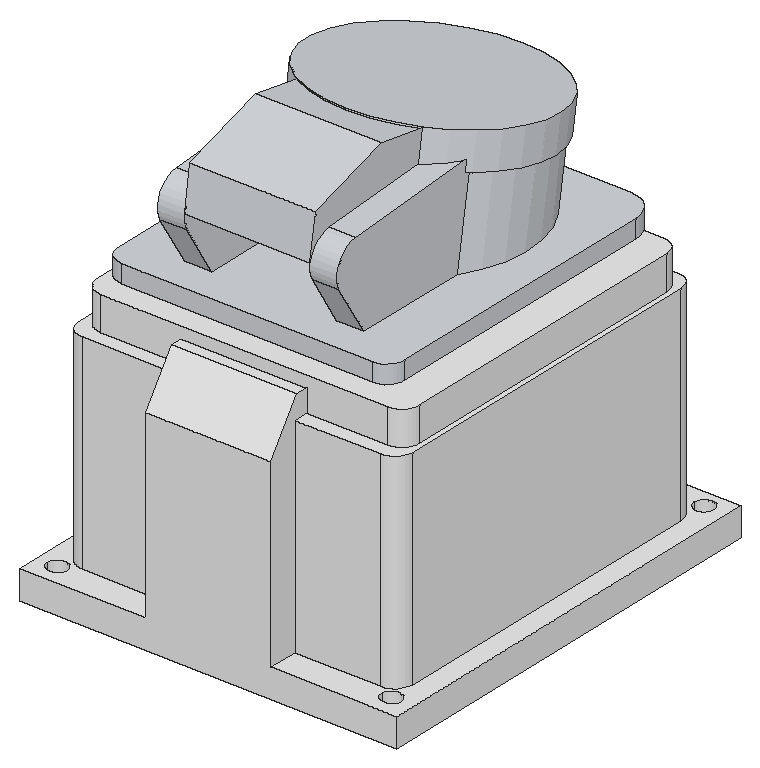
Revit family "Building-IEC309Connections-GEWISS-IEC309HP-10°_SURFACE-MOUNT_SOCKET_32A_IP44", category Apparecchi elettrici, host Superficie, Revit 2019
Family settings
  Host = Superficie
  Mantenere orientamento annotazione = Sì
  Quota connettore circolare = Usa diametro
  Tipo di parte = Normale
  Taglio con vuoti quando caricato = No
  Condiviso = No
  Punto di calcolo locali = Sì
Parameters (values of type "GW62422 - IP44 10°W.RECEPTACLE 3P+N+T 32A 500V 7H")
  simbolo acceso [instance] = yes
  distanza_simbolo [instance] = 1 mm
  distanza dal piano [instance] = 0 mm
  W = 115 mm  # constant formula
  Version file RFA = "21.11"
  URL = "https://www.gewiss.com/ww/en"
  Typology = "10° angled surface-mounting socket-outlet"
  Type of wiring = "With screw"
  Total number of operations = "-2000"
  Thermo-pressure with ball = "125 °C (active parts) - 80 °C (passive parts)"
  Terminal tightening capacity = "2.5-6mm² flexible cables - 2.5-10mm² rigid cables"
  Technical sheet = "https://www.gewiss.com/ww/en/search?q=GW62422"
  Spostamento_effettivo_S [instance] = 4000 mm - Spostamento_S  # 3045 mm
  Spostamento_S = 955 mm
  Sportello_visibile = yes
  Shock resistance = "IK08"
  SPinotto = Default(2)
  SEO = "Socket outlet"
  Reference h = "7"
  Realized by GEWISS S.p.A. = ""
  Rated voltage = "480-500V"
  Rated current (A) = "32"
  Prospetto di default = 500 mm
  Produttore = "GEWISS S.p.A."
  Product in stock = ""
  Piastra = Default(2)
  Permissible overload = "42A"
  Operating temperature: = "-25 +55 °C"
  No. of poles = "3P+N+E"
  Model = "GW62422"
  L = 155 mm  # constant formula
  Insulation resistance = "- 10 M?"
  Immagine tipo = (empty or 0)
  IP degree = "IP44"
  IDT = "e56290d74415465eb94a97a5e8d73560"
  IDF = "f99ddc17-cf27-4634-894f-d571af13c8cd"
  Glow wire test: = "850 °C (active parts) - 650 °C (passive parts)"
  Frequency = "50/60 Hz"
  FORMULA = 1000 mm * 1  # 1000 mm
  Electrocod = "2210"
  Description = "IP44 10°W.RECEPTACLE 3P+N+T 32A 500V 7H"
  Corpo centrale = Default(2)
  Colour: = "Black"
  Catalogue = "BUILDING"
  COBie.Tagnumber = ""
  COBie.CreatedOn = ""
  COBie.CreatebBy = ""
  COBie.ComponentRegisterItemID = ""
  COBie.Component.TagNumber = ""
  COBie.Component.Space = ""
  COBie.Component.SerialNumber = ""
  COBie.Component.InstallationDate = ""
  COBie.Component.Description = ""
  COBie.Component.BarCode = ""
  Breaking capacity at 1.1 Un = "40A"
  BLOCCO = "B=C"
Types (11, lengths in mm): name | Technical sheet | Reference h | Rated voltage | No. of poles | Model | IDT | Description | Colour:
  GW62412 - IP44 10°W.RECEPTACLE 2P+E 32A 110V 4H | "https://www.gewiss.com/ww/en/search?q=GW62412" | "4" | "100-130V" | "2P+E" | "GW62412" | "a7dab981ee004b7d8748d08db21b9ada" | "IP44 10°W.RECEPTACLE 2P+E 32A 110V 4H" | "Yellow"
  GW62413 - IP44 10°W.RECEPTACLE 3P+E 32A 110V 4H | "https://www.gewiss.com/ww/en/search?q=GW62413" | "4" | "100-130V" | "3P+E" | "GW62413" | "cfb034643ea440a2b830dae04109279a" | "IP44 10°W.RECEPTACLE 3P+E 32A 110V 4H" | "Yellow"
  GW62414 - IP44 10°W.RECEPTACLE 3P+N+T 32A 110V 4H | "https://www.gewiss.com/ww/en/search?q=GW62414" | "4" | "100-130V" | "3P+N+E" | "GW62414" | "6c024dd7679c428695b3ffa366d4110e" | "IP44 10°W.RECEPTACLE 3P+N+T 32A 110V 4H" | "Yellow"
  GW62415 - IP44 10°W.RECEPTACLE 2P+E 32A 230V 6H | "https://www.gewiss.com/ww/en/search?q=GW62415" | "6" | "200-250V" | "2P+E" | "GW62415" | "418f4406cd3a41f79fbc71380506f30d" | "IP44 10°W.RECEPTACLE 2P+E 32A 230V 6H" | "Blue"
  GW62416 - IP44 10°W.RECEPTACLE 3P+E 32A 230V 9H | "https://www.gewiss.com/ww/en/search?q=GW62416" | "9" | "200-250V" | "3P+E" | "GW62416" | "4c3b958f72194db6b5eb65783c90cdcf" | "IP44 10°W.RECEPTACLE 3P+E 32A 230V 9H" | "Blue"
  GW62417 - IP44 10°W.RECEPTACLE 3P+N+T 32A 230V 9H | "https://www.gewiss.com/ww/en/search?q=GW62417" | "9" | "200-250V" | "3P+N+E" | "GW62417" | "bea48a01646140aa9d9c04f0b2b894f9" | "IP44 10°W.RECEPTACLE 3P+N+T 32A 230V 9H" | "Blue"
  GW62418 - IP44 10°W.RECEPTACLE 2P+E 32A 400V 9H | "https://www.gewiss.com/ww/en/search?q=GW62418" | "9" | "380-415V" | "2P+E" | "GW62418" | "102ae2ff2cfd4e079bc437688800c38d" | "IP44 10°W.RECEPTACLE 2P+E 32A 400V 9H" | "Red"
  GW62419 - IP44 10°W.RECEPTACLE 3P+E 32A 400V 6H | "https://www.gewiss.com/ww/en/search?q=GW62419" | "6" | "380-415V" | "3P+E" | "GW62419" | "8d38ac094602461c9717a7080df86d98" | "IP44 10°W.RECEPTACLE 3P+E 32A 400V 6H" | "Red"
  GW62420 - IP44 10°W.RECEPTACLE 3P+N+T 32A 400V 6H | "https://www.gewiss.com/ww/en/search?q=GW62420" | "6" | "380-415V" | "3P+N+E" | "GW62420" | "90094f945908400787bb18f5cf23e2b9" | "IP44 10°W.RECEPTACLE 3P+N+T 32A 400V 6H" | "Red"
  GW62421 - IP44 10°W.RECEPTACLE 3P+E 32A 500V 7H | "https://www.gewiss.com/ww/en/search?q=GW62421" | "7" | "480-500V" | "3P+E" | "GW62421" | "371efae5063b47828139bba0a89bacfc" | "IP44 10°W.RECEPTACLE 3P+E 32A 500V 7H" | "Black"
  GW62422 - IP44 10°W.RECEPTACLE 3P+N+T 32A 500V 7H | "https://www.gewiss.com/ww/en/search?q=GW62422" | "7" | "480-500V" | "3P+N+E" | "GW62422" | "e56290d74415465eb94a97a5e8d73560" | "IP44 10°W.RECEPTACLE 3P+N+T 32A 500V 7H" | "Black"
Reference planes
  plane 1 "Centro (Fronte/Retro)": y = 0
  plane 2: z = 0
  plane 3 "Centro (Sinistra/Destra)": x = 0
  plane 4: x = -3000
  plane 5: x = 45
  plane 6: z = 0
Dimensions and locks
  plane 4 to plane 3 "Centro (Sinistra/Destra)" = 3000 mm
  "Spostamento_effettivo_S": plane 4 to plane 5
  "distanza dal piano": plane 6 to plane 2
  aligned and locked: plane 2 to host face
  aligned and locked: level to host face
  aligned and locked: plane 3 "Centro (Sinistra/Destra)" to nested 1
  aligned and locked: plane 1 "Centro (Fronte/Retro)" to nested 1
  aligned and locked: nested 2 to plane 5
  aligned and locked: plane 1 "Centro (Fronte/Retro)" to nested 3
  aligned and locked: plane 3 "Centro (Sinistra/Destra)" to nested 3
Automatic sketch dimensions
  host sketch curve to host sketch curve = 2438.4 mm  (x2)
Nested families
  nested 1: "IEC309 PRESE FISSE PARETE 10' 16A IP44_BASE" at (0, 0, 0), type "IEC309 PRESE FISSE PARETE 10' 16A IP44_BASE"
  nested 2: "GWGW62201FH - SIMBOLO_PRESA" at (45, 171.559, 0), visible <- "simbolo acceso", Distanza dal muro <- "distanza_simbolo", type "3P"
    with SIMBOLO ACCESO yes, Distanza dal muro 1 mm
  nested 3: "GW62412_dett_presa front" at (0, 3.479, 0), type "GW62412_dett_presa front"
Connectors
  electrical at (37.5, 30, 0)
    settings: on nested 1, index 1, voltage 0 V, apparent load 0 VA, apparent load phase1 0 VA, apparent load phase2 0 VA, apparent load phase3 0 VA, power factor 1, load classification "Altro", number of poles 1, system type 31, power factor state 1, is connector primary yes, connector utility no, sub classification motor no, connector description ""
Definition of nested family "IEC309 PRESE FISSE PARETE 10' 16A IP44_BASE"
  Parameters (values of type "IEC309 PRESE FISSE PARETE 10' 16A IP44_BASE")
    sp_ghiera = 16 mm
    r2 = 39 mm
    h = 120 mm  # constant formula
    dis_base = 71 mm
    Sportello = yes
    Spinotto = none
    R1 = 42 mm
    PIASTRA = none
    Lunghezza totale = 140 mm
    CENTRALE = none
    Bsae = 105 mm  # constant formula
  Reference planes
    plane 1 "Centro (Fronte/Retro)": y = 0
    plane 2: z = 0
    plane 3 "Centro (Sinistra/Destra)": x = 0
    plane 4: x = 105
    plane 5: y = 120
    plane 6: x = 52.5
    plane 7: y = 114.875
    plane 8: y = 5.75
    plane 9: x = 5.75
    plane 10: x = 99
    plane 11: z = 8
    plane 12: y = 111.673
    plane 13: y = 8.334
    plane 14: z = 66
    plane 15: x = 7.498
    plane 16: y = 108.673
    plane 17: x = 97.498
    plane 18: y = 12.508
    plane 19: z = 75.463
    plane 20: x = 27.511
    plane 21: x = 32.023
    plane 22: x = 77.489
    plane 23: x = 72.977
    plane 24: x = 35.01
    plane 25: x = 69.99
    plane 26: x = 12.474
    plane 27: y = 107.576
    plane 28: x = 92.474
    plane 29: y = 13.508
  Forms (mm)
    Extrusion 1, solid, material <- "PIASTRA"
      sketch origin (0, 0, 0) x (1, 0, 0) y (0, 1, 0)
        loop
          line (0, 120) -> (0, 0) -> (105, 0) -> (105, 120) -> (0, 120)
      from 0 to 8
    Extrusion 2, void
      sketch origin (0, 0, 0) x (1, 0, 0) y (0, 1, 0)
        loop
          circle (5.75, 114.875) r 2.8
        loop
          circle (99, 114.875) r 2.8
        loop
          circle (5.75, 5.75) r 2.8
        loop
          circle (99, 5.75) r 2.8
      from 0 to 8
    Extrusion 3, solid, material <- "PIASTRA"
      sketch origin (0, 0, 0) x (1, 0, 0) y (0, 1, 0)
        loop
          line (5.75, 106.673) -> (5.75, 13.334)
          arc (5.75, 13.334) -> (7.214, 9.799) -> (10.75, 8.334) r 5
          line (10.75, 8.334) -> (94, 8.334)
          arc (94, 8.334) -> (97.536, 9.799) -> (99, 13.334) r 5
          line (99, 13.334) -> (99, 106.673)
          arc (99, 106.673) -> (97.536, 110.208) -> (94, 111.673) r 5
          line (94, 111.673) -> (10.75, 111.673)
          arc (10.75, 111.673) -> (7.214, 110.208) -> (5.75, 106.673) r 5
      from 8 to 66
    Extrusion 4, solid, material <- "PIASTRA"
      sketch origin (0, 0, 0) x (1, 0, 0) y (0, 1, 0)
        loop
          arc (12.498, 108.673) -> (8.962, 107.208) -> (7.498, 103.673) r 5
          line (7.498, 103.673) -> (7.498, 17.508)
          arc (7.498, 17.508) -> (8.962, 13.972) -> (12.498, 12.508) r 5
          line (12.498, 12.508) -> (92.498, 12.508)
          arc (92.498, 12.508) -> (96.033, 13.972) -> (97.498, 17.508) r 5
          line (97.498, 17.508) -> (97.498, 103.673)
          arc (97.498, 103.673) -> (96.033, 107.208) -> (92.498, 108.673) r 5
          line (92.498, 108.673) -> (12.498, 108.673)
      from 66 to 75.463
    Extrusion 5, solid, material <- "PIASTRA"
      sketch origin (0, 110, 0) x (0, -1, 0) y (0, 0, -1)
        loop
          line (-10, 0) -> (-10, -59.349) -> (-0.915, -72.253) -> (2.903, -72.253) -> (2.903, 0) -> (-10, 0)
      from 35.01 to 69.99
    Extrusion 6, solid, material <- "PIASTRA"
      sketch origin (0, 10, 0) x (0, 1, 0) y (0, 0, 1)
        loop
          line (-10, 0) -> (2.508, 0) -> (2.508, 72.253) -> (-0.915, 72.253) -> (-10, 59.349) -> (-10, 0)
      from 35.01 to 69.99
    Extrusion 7, solid
      sketch origin (0, 0, 0) x (1, 0, 0) y (0, 1, 0)
        loop
          arc (12.474, 18.508) -> (13.938, 14.972) -> (17.474, 13.508) r 5
          line (17.474, 13.508) -> (87.474, 13.508)
          arc (87.474, 13.508) -> (91.009, 14.972) -> (92.474, 18.508) r 5
          line (92.474, 18.508) -> (92.474, 99.118)
          arc (92.474, 99.118) -> (89.997, 105.099) -> (84.016, 107.576) r 8.458
          line (84.016, 107.576) -> (17.474, 107.576)
          arc (17.474, 107.576) -> (13.938, 106.111) -> (12.474, 102.576) r 5
          line (12.474, 102.576) -> (12.474, 18.508)
      from 79.524 to 84.524
    Sweep 8, solid
      path origin (0, 0, 0) x (0, 1, 0) y (0, 0, 1)
        loop
          line (76.838, 105.496) -> (78.575, 115.349)
      profile origin (0, 77.707, 110.423) x (0, -0.984808, 0.173648) y (1, 0, 0)
        loop
          circle (0, 52.5) r 31.5
    Extrusion 9, solid
      sketch origin (0, 0, 0) x (0, 1, 0) y (0, 0, 1)
        loop
          arc (13.666, 103.089) -> (15.893, 107.235) -> (20.216, 109.093) r 7.136
          line (20.216, 109.093) -> (51.287, 111.282) -> (52.751, 119.59) -> (38.491, 122.104) -> (15.564, 115.091) -> (13.666, 103.089)
      from 35.01 to 69.99
    Sweep 10, solid
      path origin (0, 0, 0) x (0, 1, 0) y (0, 0, 1)
        loop
          line (76.838, 105.496) -> (72.258, 79.524)
      profile origin (0, 74.548, 92.51) x (0, 0.984808, -0.173648) y (1, 0, 0)
        loop
          circle (0, 52.5) r 30.5
    Extrusion 11, solid
      sketch origin (0, 0, 0) x (0, 1, 0) y (0, 0, 1)
        loop
          arc (20.216, 109.093) -> (14.465, 105.419) -> (14.43, 98.594) r 7.136
          line (14.43, 98.594) -> (23.098, 84.524) -> (56.917, 84.524) -> (61.765, 112.02) -> (20.216, 109.093)
      from 27.511 to 35.01
    Extrusion 12, solid
      sketch origin (105, 0, 0) x (0, 1, 0) y (0, 0, -1)
        loop
          line (20.216, -109.093) -> (61.765, -112.02) -> (56.917, -84.524) -> (23.098, -84.524) -> (14.43, -98.594)
          arc (14.43, -98.594) -> (14.465, -105.419) -> (20.216, -109.093) r 7.136
      from 27.511 to 35.01
  Cuts and joins
    Extrusion 2 cuts Extrusion 1
    joined: Extrusion 1, Extrusion 3, Extrusion 5, Extrusion 6
    joined: Extrusion 7, Sweep 10, Extrusion 11, Extrusion 12
  Dimensions and locks
    plane 3 "Centro (Sinistra/Destra)" to plane 4 = 105 mm
    plane 1 "Centro (Fronte/Retro)" to plane 5 = 120 mm
    equal spacing: plane 3 "Centro (Sinistra/Destra)", plane 6, plane 4
    locked: plane 3 "Centro (Sinistra/Destra)" to plane 9 at 5.75
    locked: plane 10 to plane 4 at 6
    locked: plane 1 "Centro (Fronte/Retro)" to plane 8 at 5.75
    locked: plane 5 to plane 7 at 5.125
    locked: plane 11 to level at 8
    "Bsae": plane 3 "Centro (Sinistra/Destra)" to plane 4
    "h": plane 1 "Centro (Fronte/Retro)" to plane 5
    locked: plane 12 to plane 7 at 3.202
    locked: plane 8 to plane 13 at 2.584
    locked: plane 14 to plane 11 at 58
    locked: plane 17 to plane 10 at 1.502
    locked: plane 20 to plane 21 at 4.513
    locked: plane 23 to plane 22 at 4.513
    equal spacing: plane 20, plane 6, plane 22
    locked: plane 12 to plane 16 at 3
    equal spacing: plane 24, plane 6, plane 25
    plane 24 to plane 25 = 34.979 mm
    locked: plane 16 to plane 27 at 1.097
    locked: plane 9 to plane 26 at 6.724
    locked: plane 28 to plane 10 at 6.526
    plane 18 to plane 29 = 1 mm
    diameter of cut or joined group of Extrusion 1, Extrusion 2, Extrusion 3, Extrusion 5, Extrusion 6 = 5.6 mm
    radius of Extrusion 3 sketch curve = 5 mm  (x3)
    radius of Extrusion 4 sketch curve = 5 mm  (x3)
    radius of Extrusion 7 sketch curve = 5 mm  (x3)
    radius of Extrusion 7 sketch curve = 8.458 mm
    aligned and locked: level to plane 2
    aligned and locked: Extrusion 1 sketch curve to plane 3 "Centro (Sinistra/Destra)"
    aligned and locked: Extrusion 1 sketch curve to plane 5
    aligned and locked: Extrusion 1 sketch curve to plane 4
    aligned and locked: Extrusion 1 sketch curve to plane 1 "Centro (Fronte/Retro)"
    aligned and locked: plane 11 to Extrusion 1
    aligned and locked: plane 9 to Extrusion 2 sketch curve  (x2)
    aligned and locked: plane 7 to Extrusion 2 sketch curve  (x2)
    aligned and locked: plane 10 to Extrusion 2 sketch curve  (x2)
    aligned and locked: plane 8 to Extrusion 2 sketch curve  (x2)
    aligned and locked: cut or joined group of Extrusion 1, Extrusion 2, Extrusion 3, Extrusion 5, Extrusion 6 to level
    aligned and locked: Extrusion 1 to Extrusion 2
    aligned and locked: Extrusion 3 sketch curve to plane 9
    aligned and locked: Extrusion 3 sketch curve to plane 10
    aligned and locked: Extrusion 3 sketch curve to plane 13
    aligned and locked: plane 12 to Extrusion 3 sketch curve
    aligned and locked: plane 14 to Extrusion 3
    aligned and locked: Extrusion 3 to plane 11
    aligned and locked: Extrusion 4 sketch curve to plane 16
    aligned and locked: Extrusion 4 sketch curve to plane 15
    aligned and locked: Extrusion 4 sketch curve to plane 17
    aligned and locked: Extrusion 4 sketch curve to plane 18
    aligned and locked: Extrusion 4 to plane 14
    aligned and locked: Extrusion 4 to plane 19
    aligned and locked: Extrusion 5 to plane 25
    aligned and locked: Extrusion 5 to plane 24
    aligned and locked: Extrusion 7 sketch curve to plane 26
    aligned and locked: Extrusion 7 sketch curve to plane 27
    aligned and locked: Extrusion 7 sketch curve to plane 28
    aligned and locked: plane 29 to Extrusion 7 sketch curve
    aligned and locked: Extrusion 6 sketch curve to plane 18
    aligned and locked: plane 6 to Sweep 8 sketch curve
    aligned and locked: plane 24 to Extrusion 9
    aligned and locked: Extrusion 9 to plane 25
    aligned and locked: plane 6 to Sweep 10 sketch curve
    aligned and locked: Extrusion 11 sketch curve to Extrusion 9  (x2)
    aligned and locked: Extrusion 7 to Extrusion 11 sketch curve
    aligned and locked: Extrusion 11 to plane 20
    aligned and locked: Extrusion 11 to cut or joined group of Extrusion 1, Extrusion 2, Extrusion 3, Extrusion 5, Extrusion 6
  Automatic sketch dimensions
    plane 26 to Extrusion 3 sketch curve = 1.724 mm
    Extrusion 4 sketch curve to plane 26 = 0.024 mm
    Extrusion 5 sketch curve to level = 0 mm
    Extrusion 5 sketch curve to plane 5 = 0 mm
    Extrusion 5 sketch curve to plane 12 = 0.758 mm
    plane 27 to Extrusion 5 sketch curve = 0.479 mm
    plane 14 to Extrusion 5 sketch curve = 6.651 mm
    Extrusion 5 sketch curve to plane 19 = 3.211 mm
    Extrusion 6 sketch curve to level = 0 mm
    Extrusion 6 sketch curve to plane 1 "Centro (Fronte/Retro)" = 0 mm
    Extrusion 6 sketch curve to plane 13 = 0.751 mm
    Extrusion 6 sketch curve to plane 14 = 6.651 mm
    Extrusion 7 sketch curve to Extrusion 7 sketch curve = 0 mm
    Sweep 8 sketch curve to plane 27 = 30.738 mm
    Sweep 8 sketch curve to plane 19 = 30.033 mm
    Sweep 8 sketch curve to Sweep 8 sketch curve = 1.737 mm
    Sweep 8 sketch curve to Sweep 8 sketch curve = 9.852 mm
    Sweep 8 sketch curve to profile plane = 0 mm
    Extrusion 9 sketch curve to Extrusion 9 sketch curve = 18.275 mm
    Extrusion 9 sketch curve to plane 19 = 35.818 mm
    Extrusion 9 sketch curve to Extrusion 9 sketch curve = 1.465 mm
    Extrusion 9 sketch curve to Extrusion 9 sketch curve = 8.308 mm
    plane 29 to Extrusion 9 sketch curve = 0.158 mm
    Extrusion 9 sketch curve to Extrusion 9 sketch curve = 0 mm  (x2)
    Sweep 10 sketch curve to plane 19 = 4.061 mm
    Sweep 10 sketch curve to plane 27 = 35.317 mm
    Sweep 10 sketch curve to Sweep 10 sketch curve = 4.58 mm
    Sweep 10 sketch curve to Sweep 10 sketch curve = 25.972 mm
    Sweep 10 sketch curve to profile plane = 0 mm
    Extrusion 11 sketch curve to Extrusion 11 sketch curve = 33.818 mm
    Extrusion 11 sketch curve to plane 19 = 36.557 mm
    plane 29 to Extrusion 12 sketch curve = 0.922 mm
    plane 29 to Extrusion 12 sketch curve = 6.708 mm
    Extrusion 12 sketch curve to Extrusion 12 sketch curve = 0.498 mm
    plane 29 to Extrusion 12 sketch curve = 9.591 mm
    Extrusion 12 sketch curve to plane 19 = 9.061 mm
    Extrusion 12 sketch curve to Extrusion 12 sketch curve = 33.818 mm
    Extrusion 12 sketch curve to Extrusion 12 sketch curve = 4.848 mm
    Extrusion 12 sketch curve to Extrusion 12 sketch curve = 14.07 mm
    Extrusion 12 sketch curve to Extrusion 12 sketch curve = 3.38 mm
    Extrusion 12 sketch curve to Extrusion 12 sketch curve = 27.496 mm
    plane 19 to Extrusion 6 sketch curve = 3.211 mm
    plane 29 to Extrusion 9 sketch curve = 2.056 mm
    plane 29 to Extrusion 9 sketch curve = 6.708 mm
    Extrusion 9 sketch curve to Extrusion 9 sketch curve = 7.048 mm
    Extrusion 9 sketch curve to Extrusion 9 sketch curve = 12.795 mm
    Extrusion 9 sketch curve to Extrusion 9 sketch curve = 2.189 mm
    Extrusion 9 sketch curve to Extrusion 9 sketch curve = 7.118 mm
    Extrusion 9 sketch curve to Extrusion 9 sketch curve = 5.998 mm
    Extrusion 9 sketch curve to Extrusion 9 sketch curve = 2.514 mm
    plane 29 to Extrusion 11 sketch curve = 0.922 mm
    plane 29 to Extrusion 11 sketch curve = 9.591 mm
    radius of Extrusion 2 sketch curve = 2.8 mm  (x4)
    radius of Sweep 8 sketch curve = 31.5 mm
    radius of Sweep 10 sketch curve = 30.5 mm
Definition of nested family "GWGW62201FH - SIMBOLO_PRESA"
  Parameters (values of type "3P")
    SIMBOLO ACCESO [instance] = yes
    Distanza dal muro [instance] = 0 mm
  Reference planes
    plane 1: y = 0
    plane 2: x = 0
  Dimensions and locks
    "Distanza dal muro": plane 1 to nested 1
    aligned and locked: plane 2 to nested 1
  Nested families
    nested 1: "GWGW62201FH - SIMBOLO" at (0, 0, 0), visible <- "SIMBOLO ACCESO", type "3P"
  Definition of nested family "GWGW62201FH - SIMBOLO"
    Parameters (values of type "3P")
      CORNICE SIMBOLO [instance] = yes
      3P = yes
    Reference planes
      plane 1: y = 0
      plane 2: x = 0
    Lines and regions (mm)
      detail lines
        curve 1: circle (-0.314, 0.674, 0) r 0.057 normal (0, 0, 1)
        curve 2: arc (0.346, -0.009, 0) -> (0, 0.337, 0) -> (-0.346, -0.009, 0) r 0.346
        curve 3: line (0, 0.337, 0) -> (0.346, 0.337, 0)
        curve 4: line (0, 3.386, 0) -> (0, 0.337, 0)
        curve 5: line (0, 0.337, 0) -> (-0.314, 0.674, 0)
Definition of nested family "GW62412_dett_presa front"
  Reference planes
    plane 1 "Centro (Fronte/Retro)": y = 0
    plane 2: z = 0
    plane 3 "Centro (Sinistra/Destra)": x = 0
  Lines and regions (mm)
    detail lines, in view "Livello rif."
      curve 1: arc (74.277, 69.357, 0) -> (52.474, 77.362, 0) -> (30.67, 69.357, 0) r 33.699
      curve 2: spline (30.67, 70.944, 0) -> (28.735, 69.156, 0) -> (26.952, 67.222, 0) -> (25.33, 65.154, 0) -> (23.88, 62.966, 0) -> (22.612, 60.671, 0) -> (21.534, 58.284, 0) -> (20.652, 55.82, 0) -> (19.972, 53.294, 0) -> (19.498, 50.723, 0) -> (19.233, 48.123, 0) -> (19.18, 45.511, 0) -> (19.338, 42.903, 0)
      curve 3: spline (85.61, 42.911, 0) -> (85.767, 45.518, 0) -> (85.713, 48.13, 0) -> (85.448, 50.729, 0) -> (84.974, 53.299, 0) -> (84.294, 55.824, 0) -> (83.412, 58.287, 0) -> (82.333, 60.674, 0) -> (81.066, 62.968, 0) -> (79.616, 65.156, 0) -> (77.995, 67.223, 0) -> (76.211, 69.157, 0) -> (74.277, 70.944, 0)
      curve 4: spline (31.986, 99.872, 0) -> (31.814, 99.86, 0) -> (31.645, 99.826, 0) -> (31.482, 99.769, 0) -> (31.328, 99.691, 0) -> (31.185, 99.593, 0) -> (31.055, 99.476, 0) -> (30.942, 99.344, 0) -> (30.846, 99.197, 0) -> (30.77, 99.038, 0) -> (30.715, 98.871, 0) -> (30.681, 98.698, 0) -> (30.67, 98.521, 0)
      curve 5: line (31.17, 79.876, 0) -> (30.788, 79.987, 0)
      curve 6: line (31.307, 79.868, 0) -> (30.788, 79.987, 0)
      curve 7: line (73.643, 79.874, 0) -> (31.307, 79.868, 0)
      curve 8: line (73.779, 79.883, 0) -> (74.16, 79.994, 0)
      curve 9: line (73.643, 79.874, 0) -> (74.16, 79.994, 0)
      curve 10: spline (74.277, 98.521, 0) -> (74.266, 98.698, 0) -> (74.232, 98.871, 0) -> (74.177, 99.039, 0) -> (74.101, 99.197, 0) -> (74.005, 99.344, 0) -> (73.892, 99.477, 0) -> (73.762, 99.593, 0) -> (73.619, 99.691, 0) -> (73.464, 99.769, 0) -> (73.301, 99.826, 0) -> (73.132, 99.86, 0) -> (72.96, 99.872, 0)
      curve 11: spline (78.446, 44.022, 0) -> (77.561, 50.642, 0) -> (74.967, 56.811, 0) -> (70.839, 62.109, 0) -> (65.46, 66.173, 0) -> (59.196, 68.729, 0) -> (52.474, 69.6, 0) -> (45.751, 68.729, 0) -> (39.487, 66.173, 0) -> (34.108, 62.109, 0) -> (29.98, 56.811, 0) -> (27.386, 50.642, 0) -> (26.501, 44.022, 0) -> (27.386, 37.402, 0) -> (29.98, 31.233, 0) -> (34.108, 25.935, 0) -> (39.487, 21.87, 0) -> (45.751, 19.315, 0) -> (52.474, 18.444, 0) -> (59.196, 19.315, 0) -> (65.46, 21.87, 0) -> (70.839, 25.935, 0) -> (74.967, 31.233, 0) -> (77.561, 37.402, 0) -> (78.446, 44.022, 0)
      curve 12: arc (19.505, 41.246, 0) -> (20.828, 34.911, 0) -> (23.388, 28.967, 0) r 32.303
      curve 13: arc (23.387, 28.966, 0) -> (26.643, 24.163, 0) -> (30.695, 20.01, 0) r 32.746
      curve 14: arc (30.857, 19.805, 0) -> (31.078, 19.376, 0) -> (31.309, 18.951, 0) r 22.139
      curve 15: line (74.253, 20.011, 0) -> (31.309, 18.951, 0)
      curve 16: spline (74.253, 20.011, 0) -> (75.871, 21.5, 0) -> (77.385, 23.091, 0) -> (78.789, 24.778, 0) -> (80.076, 26.554, 0) -> (81.241, 28.409, 0) -> (82.278, 30.336, 0) -> (83.184, 32.326, 0) -> (83.953, 34.371, 0) -> (84.583, 36.461, 0) -> (85.07, 38.587, 0) -> (85.413, 40.74, 0) -> (85.61, 42.911, 0)
      curve 17: arc (30.237, 74.6, 0) -> (30.557, 75.043, 0) -> (30.67, 75.578, 0) r 1.321
      curve 18: spline (30.237, 74.6, 0) -> (28.626, 73.008, 0) -> (27.126, 71.308, 0) -> (25.744, 69.508, 0) -> (24.485, 67.617, 0) -> (23.356, 65.643, 0) -> (22.362, 63.595, 0) -> (21.507, 61.483, 0) -> (20.796, 59.317, 0) -> (20.232, 57.106, 0) -> (19.817, 54.862, 0) -> (19.553, 52.593, 0) -> (19.442, 50.311, 0)
      curve 19: spline (85.505, 50.311, 0) -> (85.394, 52.595, 0) -> (85.13, 54.865, 0) -> (84.714, 57.112, 0) -> (84.149, 59.324, 0) -> (83.437, 61.492, 0) -> (82.581, 63.605, 0) -> (81.585, 65.654, 0) -> (80.454, 67.629, 0) -> (79.194, 69.522, 0) -> (77.809, 71.322, 0) -> (76.307, 73.022, 0) -> (74.694, 74.614, 0)
      curve 20: arc (74.277, 75.578, 0) -> (74.386, 75.053, 0) -> (74.694, 74.614, 0) r 1.321
      curve 21: line (74.277, 69.357, 0) -> (74.277, 78.193, 0)
      curve 22: line (74.277, 78.193, 0) -> (74.277, 98.521, 0)
      curve 23: line (30.67, 98.521, 0) -> (30.67, 78.193, 0)
      curve 24: line (30.67, 78.193, 0) -> (30.67, 69.357, 0)
      curve 25: line (31.986, 99.872, 0) -> (35.493, 99.872, 0)
      curve 26: line (35.493, 99.872, 0) -> (36.167, 99.872, 0)
      curve 27: line (36.167, 99.872, 0) -> (68.782, 99.872, 0)
      curve 28: line (68.782, 99.872, 0) -> (69.454, 99.872, 0)
      curve 29: line (69.454, 99.872, 0) -> (72.96, 99.872, 0)
      curve 30: line (19.505, 41.246, 0) -> (19.338, 42.903, 0)
      curve 31: arc (84.55, 7.455, 0) -> (90.155, 9.826, 0) -> (92.47, 15.455, 0) r 8
      curve 32: arc (12.47, 15.455, 0) -> (14.785, 9.826, 0) -> (20.39, 7.455, 0) r 8
      curve 33: circle (82.469, 90.102, 0) r 2.09 normal (0, 0, 1)
      curve 34: circle (22.469, 90.102, 0) r 2.072 normal (0, 0, 1)
      curve 35: circle (22.469, 20.094, 0) r 2.068 normal (0, 0, 1)
      curve 36: circle (82.468, 20.094, 0) r 2.075 normal (0, 0, 1)
      curve 37: line (72.295, 30.252, 0) -> (71.634, 29.591, 0)
      curve 38: spline (33.313, 29.591, 0) -> (36.445, 29.452, 0) -> (39.611, 29.337, 0) -> (42.803, 29.248, 0) -> (46.016, 29.185, 0) -> (49.241, 29.146, 0) -> (52.474, 29.133, 0) -> (55.706, 29.146, 0) -> (58.932, 29.185, 0) -> (62.144, 29.248, 0) -> (65.336, 29.337, 0) -> (68.502, 29.452, 0) -> (71.634, 29.591, 0)
      curve 39: line (33.313, 29.591, 0) -> (32.652, 30.252, 0)
      curve 40: spline (71.634, 29.605, 0) -> (71.721, 29.614, 0) -> (71.805, 29.633, 0) -> (71.887, 29.663, 0) -> (71.965, 29.703, 0) -> (72.036, 29.751, 0) -> (72.101, 29.808, 0) -> (72.158, 29.873, 0) -> (72.206, 29.943, 0) -> (72.245, 30.019, 0) -> (72.272, 30.098, 0) -> (72.289, 30.18, 0) -> (72.295, 30.263, 0)
      curve 41: spline (32.652, 30.263, 0) -> (32.658, 30.18, 0) -> (32.675, 30.098, 0) -> (32.702, 30.019, 0) -> (32.741, 29.943, 0) -> (32.789, 29.873, 0) -> (32.846, 29.808, 0) -> (32.911, 29.751, 0) -> (32.982, 29.703, 0) -> (33.06, 29.663, 0) -> (33.142, 29.633, 0) -> (33.227, 29.614, 0) -> (33.313, 29.605, 0)
      curve 42: line (32.652, 57.58, 0) -> (33.306, 58.218, 0)
      curve 43: spline (33.306, 58.218, 0) -> (36.44, 58.079, 0) -> (39.607, 57.965, 0) -> (42.8, 57.876, 0) -> (46.013, 57.812, 0) -> (49.24, 57.774, 0) -> (52.474, 57.761, 0) -> (55.707, 57.774, 0) -> (58.934, 57.812, 0) -> (62.147, 57.876, 0) -> (65.34, 57.965, 0) -> (68.507, 58.079, 0) -> (71.641, 58.218, 0)
      curve 44: line (71.641, 58.218, 0) -> (72.295, 57.58, 0)
      curve 45: arc (20.474, 102.411, 0) -> (14.817, 100.068, 0) -> (12.474, 94.411, 0) r 8
      curve 46: line (75.894, 3.927, 0) -> (75.894, -5.164, 0)
      curve 47: line (40.888, 2.242, 0) -> (40.888, -3.479, 0)
      curve 48: line (40.888, -3.479, 0) -> (64.112, -3.479, 0)
      curve 49: line (64.112, -3.479, 0) -> (64.112, 2.242, 0)
      curve 50: line (64.112, 2.242, 0) -> (40.888, 2.242, 0)
      curve 51: line (25.69, -5.164, 0) -> (25.69, 3.927, 0)
      curve 52: line (97.995, 9.084, 0) -> (97.771, 7.739, 0)
      curve 53: line (97.771, 7.739, 0) -> (97.315, 6.51, 0)
      curve 54: line (97.315, 6.51, 0) -> (95.413, 4.6, 0)
      curve 55: line (95.413, 4.6, 0) -> (94.176, 4.036, 0)
      curve 56: line (94.176, 4.036, 0) -> (92.831, 3.927, 0)
      curve 57: line (92.831, 3.927, 0) -> (12.275, 3.927, 0)
      curve 58: line (12.275, 3.927, 0) -> (10.922, 4.036, 0)
      curve 59: line (10.922, 4.036, 0) -> (9.693, 4.6, 0)
      curve 60: line (9.693, 4.6, 0) -> (8.68, 5.381, 0)
      curve 61: line (8.68, 5.381, 0) -> (7.783, 6.51, 0)
      curve 62: line (7.783, 6.51, 0) -> (7.335, 7.739, 0)
      curve 63: line (7.335, 7.739, 0) -> (7.111, 9.084, 0)
      curve 64: line (7.111, 9.084, 0) -> (7.111, 100.587, 0)
      curve 65: line (9.2, 1.229, 0) -> (8.976, 2.466, 0)
      curve 66: line (8.976, 2.466, 0) -> (8.303, 3.479, 0)
      curve 67: line (8.303, 3.479, 0) -> (7.29, 4.151, 0)
      curve 68: line (7.29, 4.151, 0) -> (6.053, 4.376, 0)
      curve 69: line (6.053, 4.376, 0) -> (4.932, 4.151, 0)
      curve 70: line (4.932, 4.151, 0) -> (3.92, 3.479, 0)
      curve 71: line (3.92, 3.479, 0) -> (3.247, 2.466, 0)
      curve 72: line (3.247, 2.466, 0) -> (3.031, 1.229, 0)
      curve 73: line (3.031, 1.229, 0) -> (3.247, 0.108, 0)
      curve 74: line (3.247, 0.108, 0) -> (3.92, -0.897, 0)
      curve 75: line (3.92, -0.897, 0) -> (4.932, -1.569, 0)
      curve 76: line (4.932, -1.569, 0) -> (6.053, -1.801, 0)
      curve 77: line (6.053, -1.801, 0) -> (7.29, -1.569, 0)
      curve 78: line (7.29, -1.569, 0) -> (8.303, -0.897, 0)
      curve 79: line (8.303, -0.897, 0) -> (8.976, 0.108, 0)
      curve 80: line (8.976, 0.108, 0) -> (9.2, 1.229, 0)
      curve 81: line (101.969, 1.229, 0) -> (101.745, 0.108, 0)
      curve 82: line (101.745, 0.108, 0) -> (101.073, -0.897, 0)
      curve 83: line (101.073, -0.897, 0) -> (100.06, -1.569, 0)
      curve 84: line (100.06, -1.569, 0) -> (98.94, -1.801, 0)
      curve 85: line (98.94, -1.801, 0) -> (97.703, -1.569, 0)
      curve 86: line (97.703, -1.569, 0) -> (96.697, -0.897, 0)
      curve 87: line (96.697, -0.897, 0) -> (96.024, 0.108, 0)
      curve 88: line (96.024, 0.108, 0) -> (95.8, 1.229, 0)
      curve 89: line (95.8, 1.229, 0) -> (96.024, 2.466, 0)
      curve 90: line (96.024, 2.466, 0) -> (96.697, 3.479, 0)
      curve 91: line (96.697, 3.479, 0) -> (97.703, 4.151, 0)
      curve 92: line (97.703, 4.151, 0) -> (98.94, 4.376, 0)
      curve 93: line (98.94, 4.376, 0) -> (100.06, 4.151, 0)
      curve 94: line (100.06, 4.151, 0) -> (101.073, 3.479, 0)
      curve 95: line (101.073, 3.479, 0) -> (101.745, 2.466, 0)
      curve 96: line (101.745, 2.466, 0) -> (101.969, 1.229, 0)
      curve 97: line (99.836, -5.164, 0) -> (101.181, -4.94, 0)
      curve 98: line (101.181, -4.94, 0) -> (102.418, -4.492, 0)
      curve 99: line (102.418, -4.492, 0) -> (103.431, -3.595, 0)
      curve 100: line (103.431, -3.595, 0) -> (104.327, -2.582, 0)
      curve 101: line (104.327, -2.582, 0) -> (104.776, -1.353, 0)
      curve 102: line (104.776, -1.353, 0) -> (105, 0, 0)
      curve 103: line (105, 0, 0) -> (105, 109.671, 0)
      curve 104: line (100.662, 114.769, 0) -> (99.836, 114.836, 0)
      curve 105: line (99.836, 114.836, 0) -> (5.156, 114.836, 0)
      curve 106: line (0, 109.39, 0) -> (0, 0, 0)
      curve 107: line (0, 0, 0) -> (0.224, -1.353, 0)
      curve 108: line (0.224, -1.353, 0) -> (0.672, -2.582, 0)
      curve 109: line (0.672, -2.582, 0) -> (1.569, -3.595, 0)
      curve 110: line (1.569, -3.595, 0) -> (2.574, -4.492, 0)
      curve 111: line (2.574, -4.492, 0) -> (3.811, -4.94, 0)
      curve 112: line (3.811, -4.94, 0) -> (5.156, -5.164, 0)
      curve 113: line (5.156, -5.164, 0) -> (99.836, -5.164, 0)
      curve 114: line (75.894, 114.836, 0) -> (75.894, 105.751, 0)
      curve 115: line (25.69, 114.836, 0) -> (25.69, 105.751, 0)
      curve 116: line (9.2, 108.442, 0) -> (8.976, 107.205, 0)
      curve 117: line (8.976, 107.205, 0) -> (8.303, 106.307, 0)
      curve 118: line (8.303, 106.307, 0) -> (7.29, 105.634, 0)
      curve 119: line (7.29, 105.634, 0) -> (6.053, 105.302, 0)
      curve 120: line (6.053, 105.302, 0) -> (4.932, 105.634, 0)
      curve 121: line (4.932, 105.634, 0) -> (3.92, 106.307, 0)
      curve 122: line (3.92, 106.307, 0) -> (3.247, 107.205, 0)
      curve 123: line (3.247, 107.205, 0) -> (3.031, 108.442, 0)
      curve 124: line (3.031, 108.442, 0) -> (3.247, 109.679, 0)
      curve 125: line (3.247, 109.679, 0) -> (3.92, 110.683, 0)
      curve 126: line (3.92, 110.683, 0) -> (4.932, 111.356, 0)
      curve 127: line (4.932, 111.356, 0) -> (6.053, 111.579, 0)
      curve 128: line (6.053, 111.579, 0) -> (7.29, 111.356, 0)
      curve 129: line (7.29, 111.356, 0) -> (8.303, 110.683, 0)
      curve 130: line (8.303, 110.683, 0) -> (8.976, 109.679, 0)
      curve 131: line (8.976, 109.679, 0) -> (9.2, 108.442, 0)
      curve 132: line (7.111, 100.587, 0) -> (7.335, 101.932, 0)
      curve 133: line (7.335, 101.932, 0) -> (7.783, 103.169, 0)
      curve 134: line (7.783, 103.169, 0) -> (8.68, 104.289, 0)
      curve 135: line (8.68, 104.289, 0) -> (9.693, 105.079, 0)
      curve 136: line (9.693, 105.079, 0) -> (10.922, 105.634, 0)
      curve 137: line (10.922, 105.634, 0) -> (12.275, 105.751, 0)
      curve 138: line (12.275, 105.751, 0) -> (92.831, 105.751, 0)
      curve 139: line (92.831, 105.751, 0) -> (94.176, 105.634, 0)
      curve 140: line (94.176, 105.634, 0) -> (95.413, 105.079, 0)
      curve 141: line (95.413, 105.079, 0) -> (96.418, 104.289, 0)
      curve 142: line (96.418, 104.289, 0) -> (97.315, 103.169, 0)
      curve 143: line (97.315, 103.169, 0) -> (97.771, 101.932, 0)
      curve 144: line (97.771, 101.932, 0) -> (97.995, 100.587, 0)
      curve 145: line (97.995, 100.587, 0) -> (97.995, 9.084, 0)
      curve 146: line (101.969, 108.442, 0) -> (101.745, 109.679, 0)
      curve 147: line (101.745, 109.679, 0) -> (101.073, 110.683, 0)
      curve 148: line (101.073, 110.683, 0) -> (100.06, 111.356, 0)
      curve 149: line (100.06, 111.356, 0) -> (98.94, 111.579, 0)
      curve 150: line (98.94, 111.579, 0) -> (97.703, 111.356, 0)
      curve 151: line (97.703, 111.356, 0) -> (96.697, 110.683, 0)
      curve 152: line (96.697, 110.683, 0) -> (96.024, 109.679, 0)
      curve 153: line (96.024, 109.679, 0) -> (95.8, 108.442, 0)
      curve 154: line (95.8, 108.442, 0) -> (96.024, 107.205, 0)
      curve 155: line (96.024, 107.205, 0) -> (96.697, 106.307, 0)
      curve 156: line (96.697, 106.307, 0) -> (97.703, 105.634, 0)
      curve 157: line (97.703, 105.634, 0) -> (98.94, 105.302, 0)
      curve 158: line (98.94, 105.302, 0) -> (100.06, 105.634, 0)
      curve 159: line (100.06, 105.634, 0) -> (101.073, 106.307, 0)
      curve 160: line (101.073, 106.307, 0) -> (101.745, 107.205, 0)
      curve 161: line (101.745, 107.205, 0) -> (101.969, 108.442, 0)
      curve 162: line (39.539, 102.419, 0) -> (67.903, 102.419, 0)
      curve 163: line (67.903, 102.419, 0) -> (39.539, 102.419, 0)
      curve 164: line (39.539, 102.419, 0) -> (67.903, 102.419, 0)
      curve 165: line (57.62, 7.365, 0) -> (84.55, 7.455, 0)
      curve 166: line (92.474, 94.411, 0) -> (92.474, 15.096, 0)
      curve 167: line (12.474, 94.411, 0) -> (12.474, 15.096, 0)
      curve 168: line (47.582, 7.313, 0) -> (20.39, 7.455, 0)
      curve 169: line (32.652, 30.252, 0) -> (32.652, 33.088, 0)
      curve 170: line (32.652, 33.088, 0) -> (32.652, 57.58, 0)
      curve 171: line (72.295, 57.58, 0) -> (72.295, 54.558, 0)
      curve 172: line (72.295, 54.558, 0) -> (72.295, 30.252, 0)
      curve 173: line (37.674, 99.872, 0) -> (37.674, 102.411, 0)
      curve 174: line (20.474, 102.411, 0) -> (39.469, 102.411, 0)
      curve 175: line (39.469, 102.411, 0) -> (67.974, 102.411, 0)
      curve 176: line (67.974, 102.411, 0) -> (84.474, 102.411, 0)
      curve 177: line (67.274, 99.872, 0) -> (67.274, 102.411, 0)
      curve 178: arc (92.474, 94.411, 0) -> (90.131, 100.068, 0) -> (84.474, 102.411, 0) r 8
      curve 357: arc (100.662, 114.769, 0) -> (103.769, 113.018, 0) -> (105, 109.671, 0) r 5.164
      curve 358: arc (4.33, 114.769, 0) -> (1.316, 113.124, 0) -> (0, 109.953, 0) r 5.164
    detail lines, in view "Livello rif.", not visible
      curve 179: arc (74.277, 69.357, 0) -> (52.474, 77.362, 0) -> (30.67, 69.357, 0) r 33.699
      curve 180: spline (30.67, 70.944, 0) -> (28.735, 69.156, 0) -> (26.952, 67.222, 0) -> (25.33, 65.154, 0) -> (23.88, 62.966, 0) -> (22.612, 60.671, 0) -> (21.534, 58.284, 0) -> (20.652, 55.82, 0) -> (19.972, 53.294, 0) -> (19.498, 50.723, 0) -> (19.233, 48.123, 0) -> (19.18, 45.511, 0) -> (19.338, 42.903, 0)
      curve 181: spline (85.61, 42.911, 0) -> (85.767, 45.518, 0) -> (85.713, 48.13, 0) -> (85.448, 50.729, 0) -> (84.974, 53.299, 0) -> (84.294, 55.824, 0) -> (83.412, 58.287, 0) -> (82.333, 60.674, 0) -> (81.066, 62.968, 0) -> (79.616, 65.156, 0) -> (77.995, 67.223, 0) -> (76.211, 69.157, 0) -> (74.277, 70.944, 0)
      curve 182: spline (31.986, 99.872, 0) -> (31.814, 99.86, 0) -> (31.645, 99.826, 0) -> (31.482, 99.769, 0) -> (31.328, 99.691, 0) -> (31.185, 99.593, 0) -> (31.055, 99.476, 0) -> (30.942, 99.344, 0) -> (30.846, 99.197, 0) -> (30.77, 99.038, 0) -> (30.715, 98.871, 0) -> (30.681, 98.698, 0) -> (30.67, 98.521, 0)
      curve 183: line (31.17, 79.876, 0) -> (30.788, 79.987, 0)
      curve 184: line (31.307, 79.868, 0) -> (30.788, 79.987, 0)
      curve 185: line (73.643, 79.874, 0) -> (31.307, 79.868, 0)
      curve 186: line (73.779, 79.883, 0) -> (74.16, 79.994, 0)
      curve 187: line (73.643, 79.874, 0) -> (74.16, 79.994, 0)
      curve 188: spline (74.277, 98.521, 0) -> (74.266, 98.698, 0) -> (74.232, 98.871, 0) -> (74.177, 99.039, 0) -> (74.101, 99.197, 0) -> (74.005, 99.344, 0) -> (73.892, 99.477, 0) -> (73.762, 99.593, 0) -> (73.619, 99.691, 0) -> (73.464, 99.769, 0) -> (73.301, 99.826, 0) -> (73.132, 99.86, 0) -> (72.96, 99.872, 0)
      curve 189: spline (78.446, 44.022, 0) -> (77.561, 50.642, 0) -> (74.967, 56.811, 0) -> (70.839, 62.109, 0) -> (65.46, 66.173, 0) -> (59.196, 68.729, 0) -> (52.474, 69.6, 0) -> (45.751, 68.729, 0) -> (39.487, 66.173, 0) -> (34.108, 62.109, 0) -> (29.98, 56.811, 0) -> (27.386, 50.642, 0) -> (26.501, 44.022, 0) -> (27.386, 37.402, 0) -> (29.98, 31.233, 0) -> (34.108, 25.935, 0) -> (39.487, 21.87, 0) -> (45.751, 19.315, 0) -> (52.474, 18.444, 0) -> (59.196, 19.315, 0) -> (65.46, 21.87, 0) -> (70.839, 25.935, 0) -> (74.967, 31.233, 0) -> (77.561, 37.402, 0) -> (78.446, 44.022, 0)
      curve 190: arc (19.505, 41.246, 0) -> (20.828, 34.911, 0) -> (23.388, 28.967, 0) r 32.303
      curve 191: arc (23.387, 28.966, 0) -> (26.643, 24.163, 0) -> (30.695, 20.01, 0) r 32.746
      curve 192: arc (30.857, 19.805, 0) -> (31.078, 19.376, 0) -> (31.309, 18.951, 0) r 22.139
      curve 193: line (74.253, 20.011, 0) -> (31.309, 18.951, 0)
      curve 194: spline (74.253, 20.011, 0) -> (75.871, 21.5, 0) -> (77.385, 23.091, 0) -> (78.789, 24.778, 0) -> (80.076, 26.554, 0) -> (81.241, 28.409, 0) -> (82.278, 30.336, 0) -> (83.184, 32.326, 0) -> (83.953, 34.371, 0) -> (84.583, 36.461, 0) -> (85.07, 38.587, 0) -> (85.413, 40.74, 0) -> (85.61, 42.911, 0)
      curve 195: arc (30.237, 74.6, 0) -> (30.557, 75.043, 0) -> (30.67, 75.578, 0) r 1.321
      curve 196: spline (30.237, 74.6, 0) -> (28.626, 73.008, 0) -> (27.126, 71.308, 0) -> (25.744, 69.508, 0) -> (24.485, 67.617, 0) -> (23.356, 65.643, 0) -> (22.362, 63.595, 0) -> (21.507, 61.483, 0) -> (20.796, 59.317, 0) -> (20.232, 57.106, 0) -> (19.817, 54.862, 0) -> (19.553, 52.593, 0) -> (19.442, 50.311, 0)
      curve 197: spline (85.505, 50.311, 0) -> (85.394, 52.595, 0) -> (85.13, 54.865, 0) -> (84.714, 57.112, 0) -> (84.149, 59.324, 0) -> (83.437, 61.492, 0) -> (82.581, 63.605, 0) -> (81.585, 65.654, 0) -> (80.454, 67.629, 0) -> (79.194, 69.522, 0) -> (77.809, 71.322, 0) -> (76.307, 73.022, 0) -> (74.694, 74.614, 0)
      curve 198: arc (74.277, 75.578, 0) -> (74.386, 75.053, 0) -> (74.694, 74.614, 0) r 1.321
      curve 199: line (74.277, 69.357, 0) -> (74.277, 78.193, 0)
      curve 200: line (74.277, 78.193, 0) -> (74.277, 98.521, 0)
      curve 201: line (30.67, 98.521, 0) -> (30.67, 78.193, 0)
      curve 202: line (30.67, 78.193, 0) -> (30.67, 69.357, 0)
      curve 203: line (31.986, 99.872, 0) -> (35.493, 99.872, 0)
      curve 204: line (35.493, 99.872, 0) -> (36.167, 99.872, 0)
      curve 205: line (36.167, 99.872, 0) -> (68.782, 99.872, 0)
      curve 206: line (68.782, 99.872, 0) -> (69.454, 99.872, 0)
      curve 207: line (69.454, 99.872, 0) -> (72.96, 99.872, 0)
      curve 208: line (19.505, 41.246, 0) -> (19.338, 42.903, 0)
      curve 209: arc (84.55, 7.455, 0) -> (90.155, 9.826, 0) -> (92.47, 15.455, 0) r 8
      curve 210: arc (12.47, 15.455, 0) -> (14.785, 9.826, 0) -> (20.39, 7.455, 0) r 8
      curve 211: circle (82.469, 90.102, 0) r 2.09 normal (0, 0, 1)
      curve 212: circle (22.469, 90.102, 0) r 2.072 normal (0, 0, 1)
      curve 213: circle (22.469, 20.094, 0) r 2.068 normal (0, 0, 1)
      curve 214: circle (82.468, 20.094, 0) r 2.075 normal (0, 0, 1)
      curve 215: line (72.295, 30.252, 0) -> (71.634, 29.591, 0)
      curve 216: spline (33.313, 29.591, 0) -> (36.445, 29.452, 0) -> (39.611, 29.337, 0) -> (42.803, 29.248, 0) -> (46.016, 29.185, 0) -> (49.241, 29.146, 0) -> (52.474, 29.133, 0) -> (55.706, 29.146, 0) -> (58.932, 29.185, 0) -> (62.144, 29.248, 0) -> (65.336, 29.337, 0) -> (68.502, 29.452, 0) -> (71.634, 29.591, 0)
      curve 217: line (33.313, 29.591, 0) -> (32.652, 30.252, 0)
      curve 218: spline (71.634, 29.605, 0) -> (71.721, 29.614, 0) -> (71.805, 29.633, 0) -> (71.887, 29.663, 0) -> (71.965, 29.703, 0) -> (72.036, 29.751, 0) -> (72.101, 29.808, 0) -> (72.158, 29.873, 0) -> (72.206, 29.943, 0) -> (72.245, 30.019, 0) -> (72.272, 30.098, 0) -> (72.289, 30.18, 0) -> (72.295, 30.263, 0)
      curve 219: spline (32.652, 30.263, 0) -> (32.658, 30.18, 0) -> (32.675, 30.098, 0) -> (32.702, 30.019, 0) -> (32.741, 29.943, 0) -> (32.789, 29.873, 0) -> (32.846, 29.808, 0) -> (32.911, 29.751, 0) -> (32.982, 29.703, 0) -> (33.06, 29.663, 0) -> (33.142, 29.633, 0) -> (33.227, 29.614, 0) -> (33.313, 29.605, 0)
      curve 220: line (32.652, 57.58, 0) -> (33.306, 58.218, 0)
      curve 221: spline (33.306, 58.218, 0) -> (36.44, 58.079, 0) -> (39.607, 57.965, 0) -> (42.8, 57.876, 0) -> (46.013, 57.812, 0) -> (49.24, 57.774, 0) -> (52.474, 57.761, 0) -> (55.707, 57.774, 0) -> (58.934, 57.812, 0) -> (62.147, 57.876, 0) -> (65.34, 57.965, 0) -> (68.507, 58.079, 0) -> (71.641, 58.218, 0)
      curve 222: line (71.641, 58.218, 0) -> (72.295, 57.58, 0)
      curve 223: arc (20.474, 102.411, 0) -> (14.817, 100.068, 0) -> (12.474, 94.411, 0) r 8
      curve 224: line (75.894, 3.927, 0) -> (75.894, -5.164, 0)
      curve 225: line (40.888, 2.242, 0) -> (40.888, -3.479, 0)
      curve 226: line (40.888, -3.479, 0) -> (64.112, -3.479, 0)
      curve 227: line (64.112, -3.479, 0) -> (64.112, 2.242, 0)
      curve 228: line (64.112, 2.242, 0) -> (40.888, 2.242, 0)
      curve 229: line (25.69, -5.164, 0) -> (25.69, 3.927, 0)
      curve 230: line (97.995, 9.084, 0) -> (97.771, 7.739, 0)
      curve 231: line (97.771, 7.739, 0) -> (97.315, 6.51, 0)
      curve 232: line (97.315, 6.51, 0) -> (95.413, 4.6, 0)
      curve 233: line (95.413, 4.6, 0) -> (94.176, 4.036, 0)
      curve 234: line (94.176, 4.036, 0) -> (92.831, 3.927, 0)
      curve 235: line (92.831, 3.927, 0) -> (12.275, 3.927, 0)
      curve 236: line (12.275, 3.927, 0) -> (10.922, 4.036, 0)
      curve 237: line (10.922, 4.036, 0) -> (9.693, 4.6, 0)
      curve 238: line (9.693, 4.6, 0) -> (8.68, 5.381, 0)
      curve 239: line (8.68, 5.381, 0) -> (7.783, 6.51, 0)
      curve 240: line (7.783, 6.51, 0) -> (7.335, 7.739, 0)
      curve 241: line (7.335, 7.739, 0) -> (7.111, 9.084, 0)
      curve 242: line (7.111, 9.084, 0) -> (7.111, 100.587, 0)
      curve 243: line (9.2, 1.229, 0) -> (8.976, 2.466, 0)
      curve 244: line (8.976, 2.466, 0) -> (8.303, 3.479, 0)
      curve 245: line (8.303, 3.479, 0) -> (7.29, 4.151, 0)
      curve 246: line (7.29, 4.151, 0) -> (6.053, 4.376, 0)
      curve 247: line (6.053, 4.376, 0) -> (4.932, 4.151, 0)
      curve 248: line (4.932, 4.151, 0) -> (3.92, 3.479, 0)
      curve 249: line (3.92, 3.479, 0) -> (3.247, 2.466, 0)
      curve 250: line (3.247, 2.466, 0) -> (3.031, 1.229, 0)
      curve 251: line (3.031, 1.229, 0) -> (3.247, 0.108, 0)
      curve 252: line (3.247, 0.108, 0) -> (3.92, -0.897, 0)
      curve 253: line (3.92, -0.897, 0) -> (4.932, -1.569, 0)
      curve 254: line (4.932, -1.569, 0) -> (6.053, -1.801, 0)
      curve 255: line (6.053, -1.801, 0) -> (7.29, -1.569, 0)
      curve 256: line (7.29, -1.569, 0) -> (8.303, -0.897, 0)
      curve 257: line (8.303, -0.897, 0) -> (8.976, 0.108, 0)
      curve 258: line (8.976, 0.108, 0) -> (9.2, 1.229, 0)
      curve 259: line (101.969, 1.229, 0) -> (101.745, 0.108, 0)
      curve 260: line (101.745, 0.108, 0) -> (101.073, -0.897, 0)
      curve 261: line (101.073, -0.897, 0) -> (100.06, -1.569, 0)
      curve 262: line (100.06, -1.569, 0) -> (98.94, -1.801, 0)
      curve 263: line (98.94, -1.801, 0) -> (97.703, -1.569, 0)
      curve 264: line (97.703, -1.569, 0) -> (96.697, -0.897, 0)
      curve 265: line (96.697, -0.897, 0) -> (96.024, 0.108, 0)
      curve 266: line (96.024, 0.108, 0) -> (95.8, 1.229, 0)
      curve 267: line (95.8, 1.229, 0) -> (96.024, 2.466, 0)
      curve 268: line (96.024, 2.466, 0) -> (96.697, 3.479, 0)
      curve 269: line (96.697, 3.479, 0) -> (97.703, 4.151, 0)
      curve 270: line (97.703, 4.151, 0) -> (98.94, 4.376, 0)
      curve 271: line (98.94, 4.376, 0) -> (100.06, 4.151, 0)
      curve 272: line (100.06, 4.151, 0) -> (101.073, 3.479, 0)
      curve 273: line (101.073, 3.479, 0) -> (101.745, 2.466, 0)
      curve 274: line (101.745, 2.466, 0) -> (101.969, 1.229, 0)
      curve 275: line (99.836, -5.164, 0) -> (101.181, -4.94, 0)
      curve 276: line (101.181, -4.94, 0) -> (102.418, -4.492, 0)
      curve 277: line (102.418, -4.492, 0) -> (103.431, -3.595, 0)
      curve 278: line (103.431, -3.595, 0) -> (104.327, -2.582, 0)
      curve 279: line (104.327, -2.582, 0) -> (104.776, -1.353, 0)
      curve 280: line (104.776, -1.353, 0) -> (105, 0, 0)
      curve 281: line (105, 0, 0) -> (105, 109.671, 0)
      curve 282: line (100.662, 114.769, 0) -> (99.836, 114.836, 0)
      curve 283: line (99.836, 114.836, 0) -> (5.156, 114.836, 0)
      curve 284: line (0, 109.953, 0) -> (0, 0, 0)
      curve 285: line (0, 0, 0) -> (0.224, -1.353, 0)
      curve 286: line (0.224, -1.353, 0) -> (0.672, -2.582, 0)
      curve 287: line (0.672, -2.582, 0) -> (1.569, -3.595, 0)
      curve 288: line (1.569, -3.595, 0) -> (2.574, -4.492, 0)
      curve 289: line (2.574, -4.492, 0) -> (3.811, -4.94, 0)
      curve 290: line (3.811, -4.94, 0) -> (5.156, -5.164, 0)
      curve 291: line (5.156, -5.164, 0) -> (99.836, -5.164, 0)
      curve 292: line (75.894, 114.836, 0) -> (75.894, 105.751, 0)
      curve 293: line (25.69, 114.836, 0) -> (25.69, 105.751, 0)
      curve 294: line (9.2, 108.442, 0) -> (8.976, 107.205, 0)
      curve 295: line (8.976, 107.205, 0) -> (8.303, 106.307, 0)
      curve 296: line (8.303, 106.307, 0) -> (7.29, 105.634, 0)
      curve 297: line (7.29, 105.634, 0) -> (6.053, 105.302, 0)
      curve 298: line (6.053, 105.302, 0) -> (4.932, 105.634, 0)
      curve 299: line (4.932, 105.634, 0) -> (3.92, 106.307, 0)
      curve 300: line (3.92, 106.307, 0) -> (3.247, 107.205, 0)
      curve 301: line (3.247, 107.205, 0) -> (3.031, 108.442, 0)
      curve 302: line (3.031, 108.442, 0) -> (3.247, 109.679, 0)
      curve 303: line (3.247, 109.679, 0) -> (3.92, 110.683, 0)
      curve 304: line (3.92, 110.683, 0) -> (4.932, 111.356, 0)
      curve 305: line (4.932, 111.356, 0) -> (6.053, 111.579, 0)
      curve 306: line (6.053, 111.579, 0) -> (7.29, 111.356, 0)
      curve 307: line (7.29, 111.356, 0) -> (8.303, 110.683, 0)
      curve 308: line (8.303, 110.683, 0) -> (8.976, 109.679, 0)
      curve 309: line (8.976, 109.679, 0) -> (9.2, 108.442, 0)
      curve 310: line (7.111, 100.587, 0) -> (7.335, 101.932, 0)
      curve 311: line (7.335, 101.932, 0) -> (7.783, 103.169, 0)
      curve 312: line (7.783, 103.169, 0) -> (8.68, 104.289, 0)
      curve 313: line (8.68, 104.289, 0) -> (9.693, 105.079, 0)
      curve 314: line (9.693, 105.079, 0) -> (10.922, 105.634, 0)
      curve 315: line (10.922, 105.634, 0) -> (12.275, 105.751, 0)
      curve 316: line (12.275, 105.751, 0) -> (92.831, 105.751, 0)
      curve 317: line (92.831, 105.751, 0) -> (94.176, 105.634, 0)
      curve 318: line (94.176, 105.634, 0) -> (95.413, 105.079, 0)
      curve 319: line (95.413, 105.079, 0) -> (96.418, 104.289, 0)
      curve 320: line (96.418, 104.289, 0) -> (97.315, 103.169, 0)
      curve 321: line (97.315, 103.169, 0) -> (97.771, 101.932, 0)
      curve 322: line (97.771, 101.932, 0) -> (97.995, 100.587, 0)
      curve 323: line (97.995, 100.587, 0) -> (97.995, 9.084, 0)
      curve 324: line (101.969, 108.442, 0) -> (101.745, 109.679, 0)
      curve 325: line (101.745, 109.679, 0) -> (101.073, 110.683, 0)
      curve 326: line (101.073, 110.683, 0) -> (100.06, 111.356, 0)
      curve 327: line (100.06, 111.356, 0) -> (98.94, 111.579, 0)
      curve 328: line (98.94, 111.579, 0) -> (97.703, 111.356, 0)
      curve 329: line (97.703, 111.356, 0) -> (96.697, 110.683, 0)
      curve 330: line (96.697, 110.683, 0) -> (96.024, 109.679, 0)
      curve 331: line (96.024, 109.679, 0) -> (95.8, 108.442, 0)
      curve 332: line (95.8, 108.442, 0) -> (96.024, 107.205, 0)
      curve 333: line (96.024, 107.205, 0) -> (96.697, 106.307, 0)
      curve 334: line (96.697, 106.307, 0) -> (97.703, 105.634, 0)
      curve 335: line (97.703, 105.634, 0) -> (98.94, 105.302, 0)
      curve 336: line (98.94, 105.302, 0) -> (100.06, 105.634, 0)
      curve 337: line (100.06, 105.634, 0) -> (101.073, 106.307, 0)
      curve 338: line (101.073, 106.307, 0) -> (101.745, 107.205, 0)
      curve 339: line (101.745, 107.205, 0) -> (101.969, 108.442, 0)
      curve 340: line (39.539, 102.419, 0) -> (67.903, 102.419, 0)
      curve 341: line (67.903, 102.419, 0) -> (39.539, 102.419, 0)
      curve 342: line (39.539, 102.419, 0) -> (67.903, 102.419, 0)
      curve 343: line (57.62, 7.365, 0) -> (84.55, 7.455, 0)
      curve 344: line (92.474, 94.411, 0) -> (92.474, 15.096, 0)
      curve 345: line (12.474, 94.411, 0) -> (12.474, 15.096, 0)
      curve 346: line (47.582, 7.313, 0) -> (20.39, 7.455, 0)
      curve 347: line (32.652, 30.252, 0) -> (32.652, 33.088, 0)
      curve 348: line (32.652, 33.088, 0) -> (32.652, 57.58, 0)
      curve 349: line (72.295, 57.58, 0) -> (72.295, 54.558, 0)
      curve 350: line (72.295, 54.558, 0) -> (72.295, 30.252, 0)
      curve 351: line (37.674, 99.872, 0) -> (37.674, 102.411, 0)
      curve 352: line (20.474, 102.411, 0) -> (39.469, 102.411, 0)
      curve 353: line (39.469, 102.411, 0) -> (67.974, 102.411, 0)
      curve 354: line (67.974, 102.411, 0) -> (84.474, 102.411, 0)
      curve 355: line (67.274, 99.872, 0) -> (67.274, 102.411, 0)
      curve 356: arc (92.474, 94.411, 0) -> (90.131, 100.068, 0) -> (84.474, 102.411, 0) r 8
      curve 359: arc (100.662, 114.769, 0) -> (103.769, 113.018, 0) -> (105, 109.671, 0) r 5.164
      curve 360: arc (4.33, 114.769, 0) -> (1.316, 113.124, 0) -> (0, 109.953, 0) r 5.164
